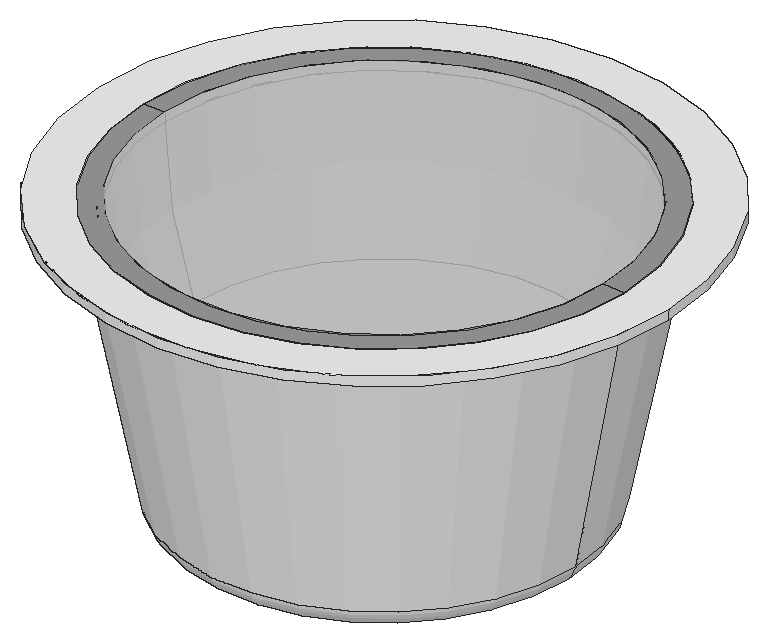
Revit family "2060542 Sylvania Lighting Fixture ASCENT 100 II ARCH 1000 3K DALI 160", category Lighting Fixtures, host Face, Revit 2016
Family settings
  Host = Face
  Part Type = Normal
  Round Connector Dimension = Use Diameter
  OmniClass Number = 23.80.70.11.17
  OmniClass Title = Specialized Lighting by Location or Use
  Cut with Voids When Loaded = No
  Light Source = Yes
  Shared = No
  Room Calculation Point = No
Parameters (values of type "2060542 ASCT100 II ARCH 1000 3K DALI 160")
  WidthBezelAcc_SYL = 25.0 mm
  Weight = "1.2 kg"
  Wattage = 7 W
  WarrantyStartDate [instance] = "n/a"
  WarrantyGuarantorParts = "n/a"
  WarrantyDurationUnit = "n/a"
  WarrantyDurationParts = "n/a"
  WarrantyDescription = "n/a"
  built-in parameter 1150110 = 1 (stored number, unit not read)
  Voltage = 0 V
  VisibilityAccessory_SYL = no
  TypeName = "ASCENT 100 II ARCH 1000 3K DALI 160"
  built-in parameter 1114217 = 1 (stored number, unit not read)
  Tilt Angle = -90°
  built-in parameter 1150109 = 1 (stored number, unit not read)
  built-in parameter 1150134 = (empty or 0)
  built-in parameter 1150113 = 1 (stored number, unit not read)
  SerialNumber [instance] = "n/a"
  ReflectorRadius_SYL = Radius_SYL - 14.5 mm  # 80.0 mm
  RadiusAcc_SYL = 105.0 mm
  Radius_SYL = 94.5 mm
  URL = "http://www.sylvania-lighting.com"
  PowerFactor = 0
  PowerConsumption = "7 W"
  Photometric Web File = "2060542.ies"
  NominalWidth = 0.0 mm
  NominalLength = 0.0 mm
  NominalHeight = 94.0 mm
  Name = "ASCENT 100 II ARCH 1000 3K DALI 160"
  ModelReference = "ASCENT 100 II ARCH 1000 3K DALI 160"
  ModelNumber = "2060542"
  Material_4_SYL = none
  Material_3_SYL = Polycarbonate_Sylvania_Ascent_Opal
  Material_2_SYL = Aluminium_Sylvania_Ascent_Silver
  Material_1_SYL = Aluminum_Sylvania_Ascent_White
  Material = "aluminium housing, arcylic diffuser"
  ManufacturerName = "Feilo Sylvania"
  LuminousEfficacy = "138 lm/W"
  built-in parameter 1150105 = 76.872 (stored number, unit not read)
  Lumens = 966 lm
  LuminaireType = ""
  built-in parameter 1150115 = 1 (stored number, unit not read)
  LightOutputRatio = "100"
  built-in parameter 1150137 = (empty or 0)
  built-in parameter 1150139 = (empty or 0)
  LampsType = Lamp  # "LED"
  LampNominalLuminous = "968 lm"
  LampMacAdamStep = "3"
  LampColourTemperature = "3000 K"
  LampColourRenderingIndex = "80"
  built-in parameter 1150112 = 1 (stored number, unit not read)
  built-in parameter 1150114 = 1 (stored number, unit not read)
  Keynote = "16500"
  InstallationDate [instance] = "n/a"
  InputVoltage = "n/a"
  InputNominalFrequency = "n/a"
  built-in parameter 1150132 = (empty or 0)
  built-in parameter 1150102 = (empty or 0)
  built-in parameter 1150107 = 3000 (stored number, unit not read)
  built-in parameter 1150138 = (empty or 0)
  IngressProtection = "IP40"
  ImpactProtectionIndex = "IK02"
  built-in parameter 1150106 = 0.76872 (stored number, unit not read)
  IfcExportType = "IfcLightFixtureType"
  IfcExportAs = "IfcLightFixtureType"
  Height_SYL = 94.0 mm
  HeightAcc_SYL = 7.0 mm
  ExpectedLife = 50000
  EmittionSurface_SYL = if(VisibilityAccessory_SYL, 7.0 mm, 3.0 mm)  # 3.0 mm
  Emit from Circle Diameter = DiffuserRadius_SYL * 2  # 146.0 mm
  Emit Shape Visible in Rendering = no
  ElectricShockClassification = "Class II"
  built-in parameter 1150104 = 12.821 (stored number, unit not read)
  DurationUnit = "hours"
  DocumentationLiterature = "http://www.sylvania-lighting.com/product/en-int/products/2060542"
  DimmingControlOptions = "n/a"
  Dimming Lamp Color Temperature Shift = <None>
  DiffuserRadius_SYL = ReflectorRadius_SYL - 7.0 mm  # 73.0 mm
  Diameter_SYL = 2 * Radius_SYL  # 189.0 mm
  CutoutDiameter_SYL = Diameter_SYL - 13.0 mm  # 176.0 mm
  CreatedOn = "9/17/2018"
  CreatedBy = "@sylvania-lighting.com"
  Color Filter = 16777215
  built-in parameter 1114216 [instance] = 1 (stored number, unit not read)
  Model = "ASCENT 100 II ARCH 1000 3K DALI 160"
  Manufacturer = "Feilo Sylvania"
  Lamp = "LED"
  Description = "Direct LED retro fit for original LED 100 Arch (160) single CFL lamp offering Matching lumen levels and improved light distribution of original LED 100 CFL lamp equivalents Typically half the power consumption compared to CFL Up to 112lm/W 160mm aperture Architectural reflector accepts range of glass accessories from existing LED 100 Arch 160 offering HE, HO and VHO versions equivalent of single 1 x 18W, 1 x 32W, 1 x 42W\r\n Additional VVHO versions which offer the performance circa 2 x 32W equivalent"  # constant formula
  Default Elevation = 0.0 mm
  built-in parameter 1140040 [instance] = 1
  BarCode [instance] = "n/a"
  built-in parameter 1114218 = 1 (stored number, unit not read)
  built-in parameter 1150133 = 10 (stored number, unit not read)
  AssetType = "Fixed"
  AssetIdentifier [instance] = "n/a"
  Assembly Code = "D5020200"
  Apparent Load = 7 VA
  Aperture_SYL = 2 * ReflectorRadius_SYL  # 160.0 mm
Reference planes
  plane 1 "Center (Front/Back)": y = 0
  plane 2: z = 0
  plane 3 "Center (Left/Right)": x = 0
  plane 4 "Fixture Bottom": z = 3
  plane 5: z = -52.5
  plane 6 "Fixture Top": z = -91
  plane 7: x = -105
  plane 8: z = 7
  plane 9: x = -80
  plane 10: z = 5
  plane 11: x = -103
Forms (mm)
  Extrusion 1, solid, material "Aluminum_Sylvania_Ascent_White", detail levels fine
    sketch origin (0, 0, 0) x (1, 0, 0) y (0, 1, 0)
      loop
        circle (0, 0) r 94.5
      loop
        circle (0, 0) r 80
    from 0 to 3
  Extrusion 2, void
    sketch origin (0, 0, 0) x (1, 0, 0) y (0, 1, 0)
      loop
        circle (0, 0) r 88
    from -91 to 3
  Revolve 3, solid, material "Aluminum_Sylvania_Ascent_White" <- "Material_1_SYL", detail levels fine
    sketch origin (0, 0, 0) x (1, 0, 0) y (0, 0, 1)
      loop
        line (0, -91.073) -> (0, -89.023) -> (-55.468, -89.014)
        arc (-55.468, -89.014) -> (-59.352, -87.613) -> (-61.54, -84.139) r 6.307
        line (-61.54, -84.139) -> (-77.991, -2.844) -> (-77.991, 0) -> (-80, 0) -> (-80, -3) -> (-63.5, -84.536)
        arc (-63.5, -84.536) -> (-60.643, -89.203) -> (-55.5, -91.073) r 8.291
        line (-55.5, -91.073) -> (0, -91.073)
      axis (0, 0) -> (0, -91.073)
    angle from 0 to 360
  Revolve 4, solid, material "Aluminium_Sylvania_Ascent_Silver" <- "Material_2_SYL", detail levels fine
    sketch origin (0, 0, 0) x (1, 0, 0) y (0, 0, 1)
      loop
        line (-80, 3) -> (-80, 0) -> (-75, 0)
        arc (-75, 0) -> (-72.349, -26.77) -> (-64.5, -52.5) r 136.5
        line (-64.5, -52.5) -> (-58, -52.5)
        arc (-58, -52.5) -> (-56.857, -61.521) -> (-53.5, -69.971) r 36.166
        line (-53.5, -69.971) -> (0, -69.971) -> (0, -50.5) -> (-63.16, -50.5)
        arc (-63.16, -50.5) -> (-70.517, -25.725) -> (-73, 0) r 134.5
        line (-73, 0) -> (-73, 3) -> (-80, 3)
      axis (0, 3) -> (0, -69.971)
    angle from 0 to 360
  Extrusion 5, solid, material "Polycarbonate_Sylvania_Ascent_Opal" <- "Material_3_SYL", detail levels fine
    sketch origin (0, 0, 0) x (1, 0, 0) y (0, 1, 0)
      loop
        circle (0, 0) r 73
    from 0 to 3
  Revolve 6, solid, material "Aluminum_Sylvania_Ascent_White" <- "Material_1_SYL", detail levels coarse+medium
    sketch origin (0, 0, 0) x (1, 0, 0) y (0, 0, 1)
      loop
        line (0, -91.073) -> (0, 3) -> (-94.5, 3) -> (-94.5, 0) -> (-79.5, 0) -> (-79.5, -3) -> (-63, -84.536)
        arc (-63, -84.536) -> (-60.143, -89.203) -> (-55, -91.073) r 8.291
        line (-55, -91.073) -> (0, -91.073)
      axis (0, 3) -> (0, -91.073)
    angle from 0 to 360
  Revolve 7, solid, material "Aluminum_Sylvania_Ascent_White" <- "Material_1_SYL", visible <- "VisibilityAccessory_SYL"
    sketch origin (0, 0, 0) x (1, 0, 0) y (0, 0, 1)
      loop
        line (-105, 0) -> (-103, 0) -> (-103, 5) -> (-80, 5) -> (-80, 7) -> (-105, 7) -> (-105, 0)
      axis (0, 7) -> (0, 0)
    angle from 0 to 360
  Revolve 8, solid, material "Polycarbonate_Sylvania_Ascent_Opal" <- "Material_3_SYL", visible <- "VisibilityAccessory_SYL"
    sketch origin (0, 0, 0) x (1, 0, 0) y (0, 0, 1)
      loop
        line (-80, 7) -> (-80, 5) -> (0, 5) -> (0, 7) -> (-80, 7)
      axis (0, 7) -> (0, 5)
    angle from 0 to 360
Lines and regions (mm)
  reference lines
    curve 1: line (-150, 0, 3) -> (125, 0, 3)
Dimensions and locks
  locked: plane 4 "Fixture Bottom" to plane 2 at 3
  "Height_SYL": plane 4 "Fixture Bottom" to plane 6 "Fixture Top"
  "ReflectorRadius_SYL": plane 3 "Center (Left/Right)" to Revolve 4 sketch curve
  locked: Revolve 4 sketch curve to Revolve 4 sketch curve at 15.5
  locked: Revolve 4 sketch curve to Revolve 4 sketch curve at 5
  locked: Revolve 4 sketch curve to Revolve 4 sketch curve at 7
  locked: Revolve 4 sketch curve to Revolve 4 sketch curve at 22
  locked: Revolve 4 sketch curve to Revolve 4 sketch curve at 26.5
  locked: Revolve 3 sketch curve to Revolve 3 sketch curve at 16.5
  locked: Revolve 3 sketch curve to Revolve 3 sketch curve at 24.5
  "ReflectorRadius_SYL": Revolve 3 sketch curve to plane 3 "Center (Left/Right)"
  locked: Revolve 3 sketch curve to plane 6 "Fixture Top" at 6.464
  locked: plane 2 to Revolve 3 sketch curve at 3
  locked: Revolve 3 sketch curve to Revolve 3 sketch curve at 2
  locked: Revolve 3 sketch curve to Revolve 3 sketch curve at 2.009
  locked: plane 2 to plane 5 at 52.5
  locked: Revolve 6 sketch curve to Revolve 6 sketch curve at 31.5
  locked: Revolve 6 sketch curve to Revolve 6 sketch curve at 39.5
  locked: Revolve 6 sketch curve to Revolve 6 sketch curve at 15
  "Radius_SYL": plane 3 "Center (Left/Right)" to Revolve 6 sketch curve
  "RadiusAcc_SYL": plane 3 "Center (Left/Right)" to plane 7
  "HeightAcc_SYL": plane 8 to level
  "WidthBezelAcc_SYL": plane 7 to plane 9
  locked: plane 7 to plane 11 at 2
  locked: plane 8 to plane 10 at 2
  "EmittionSurface_SYL": curve 1 to level
  "CutoutDiameter_SYL": diameter of Extrusion 2 sketch curve
  "ReflectorRadius_SYL": radius of Extrusion 1 sketch curve
  "DiffuserRadius_SYL": radius of Extrusion 5 sketch curve
  "Radius_SYL": radius of Extrusion 1 sketch curve
  aligned and locked: host face to plane 2
  aligned and locked: host face to level
  aligned and locked: plane 4 "Fixture Bottom" to Extrusion 1
  aligned and locked: Extrusion 1 to plane 2
  aligned and locked: Revolve 3 sketch curve to plane 3 "Center (Left/Right)"
  aligned and locked: Revolve 4 sketch curve to plane 3 "Center (Left/Right)"  (x2)
  aligned and locked: plane 4 "Fixture Bottom" to Revolve 4 sketch curve
  aligned and locked: Extrusion 5 to plane 2
  aligned and locked: plane 2 to Revolve 3 sketch curve  (x2)
  aligned and locked: Revolve 6 sketch curve to plane 3 "Center (Left/Right)"
  aligned and locked: plane 6 "Fixture Top" to Extrusion 2
  aligned and locked: Revolve 7 sketch curve to plane 3 "Center (Left/Right)"
  aligned and locked: host face to Revolve 7 sketch curve  (x2)
  aligned and locked: Revolve 7 sketch curve to plane 7
  aligned and locked: plane 8 to Revolve 7 sketch curve
  aligned and locked: plane 9 to Revolve 7 sketch curve
  aligned and locked: Revolve 7 sketch curve to plane 10
  aligned and locked: plane 11 to Revolve 7 sketch curve
  aligned and locked: Revolve 7 to Revolve 8 sketch curve
  aligned and locked: Revolve 8 sketch curve to Revolve 7  (x2)
  aligned and locked: Revolve 8 sketch curve to plane 3 "Center (Left/Right)"  (x2)
  aligned and locked: plane 3 "Center (Left/Right)" to imposter light
  aligned and locked: imposter light to plane 1 "Center (Front/Back)"
  aligned and locked: imposter light to curve 1
Automatic sketch dimensions
  plane 1 "Center (Front/Back)" to Extrusion 2 sketch curve = 0.0 mm
  Extrusion 2 sketch curve to plane 3 "Center (Left/Right)" = 0.0 mm
  Extrusion 1 sketch curve to Extrusion 1 sketch curve = 0.0 mm  (x2)
  plane 1 "Center (Front/Back)" to Extrusion 1 sketch curve = 0.0 mm
  Extrusion 1 sketch curve to plane 3 "Center (Left/Right)" = 0.0 mm
  plane 6 "Fixture Top" to Revolve 3 sketch curve = 0.073 mm
  Revolve 3 sketch curve to plane 6 "Fixture Top" = 6.861 mm
  Revolve 3 sketch curve to Revolve 3 sketch curve = 0.003 mm
  Revolve 3 sketch curve to Revolve 3 sketch curve = 0.009 mm  (x2)
  Revolve 3 sketch curve to Revolve 3 sketch curve = 0.023 mm
  Revolve 3 sketch curve to Revolve 3 sketch curve = 0.072 mm
  Revolve 3 sketch curve to Revolve 3 sketch curve = 0.008 mm
  Revolve 3 sketch curve to plane 6 "Fixture Top" = 1.977 mm
  Revolve 3 sketch curve to Revolve 3 sketch curve = 33.496 mm
  Revolve 3 sketch curve to Revolve 3 sketch curve = 0.028 mm
  plane 4 "Fixture Bottom" to Revolve 3 sketch curve = 82.431 mm
  Revolve 4 sketch curve to Revolve 4 sketch curve = 0.0 mm  (x2)
  Revolve 4 sketch curve to plane 5 = 0.0 mm
  Revolve 4 sketch curve to level = 0.0 mm
  plane 5 to Revolve 4 sketch curve = 2.0 mm
  plane 4 "Fixture Bottom" to Revolve 4 sketch curve = 9.642 mm
  plane 1 "Center (Front/Back)" to Extrusion 5 sketch curve = 0.0 mm
  Extrusion 5 sketch curve to plane 3 "Center (Left/Right)" = 0.0 mm
  Revolve 4 sketch curve to level = 69.971 mm
  Revolve 4 sketch curve to Revolve 4 sketch curve = 2.387 mm
  Revolve 6 sketch curve to level = 0.0 mm
  Revolve 6 sketch curve to plane 3 "Center (Left/Right)" = 0.0 mm
  Revolve 6 sketch curve to Revolve 6 sketch curve = 8.104 mm
  Revolve 6 sketch curve to level = 3.0 mm
  Revolve 6 sketch curve to plane 6 "Fixture Top" = 6.464 mm
  plane 6 "Fixture Top" to Revolve 6 sketch curve = 0.073 mm
  Revolve 6 sketch curve to Revolve 6 sketch curve = 33.496 mm
  plane 4 "Fixture Bottom" to Revolve 6 sketch curve = 82.431 mm
  host sketch curve to host sketch curve = 1704.996 mm
  host sketch curve to host sketch curve = 1500.0 mm
  plane 6 "Fixture Top" to Revolve 7 sketch curve = 281.274 mm
  Revolve 7 sketch curve to plane 8 = 1140.706 mm
  plane 6 "Fixture Top" to Revolve 8 sketch curve = 281.274 mm
  Revolve 8 sketch curve to Revolve 8 sketch curve = 1140.706 mm
  Revolve 3 sketch curve to plane 3 "Center (Left/Right)" = 0.0 mm
  Revolve 6 sketch curve to plane 4 "Fixture Bottom" = 0.0 mm
  plane 7 to curve 1 = 45.0 mm
  plane 3 "Center (Left/Right)" to curve 1 = 125.0 mm
Connectors
  electrical at (0, 0, -91.073), driven by "Apparent Load"
    settings: on Revolve 3, index 1, voltage 240 V, apparent load 0 VA, apparent load phase1 7 VA, apparent load phase2 0 VA, apparent load phase3 0 VA, power factor 1, load classification "Lighting", number of poles 1, system type 31, power factor state 1, is connector primary yes, connector utility no, sub classification motor no, connector description ""
